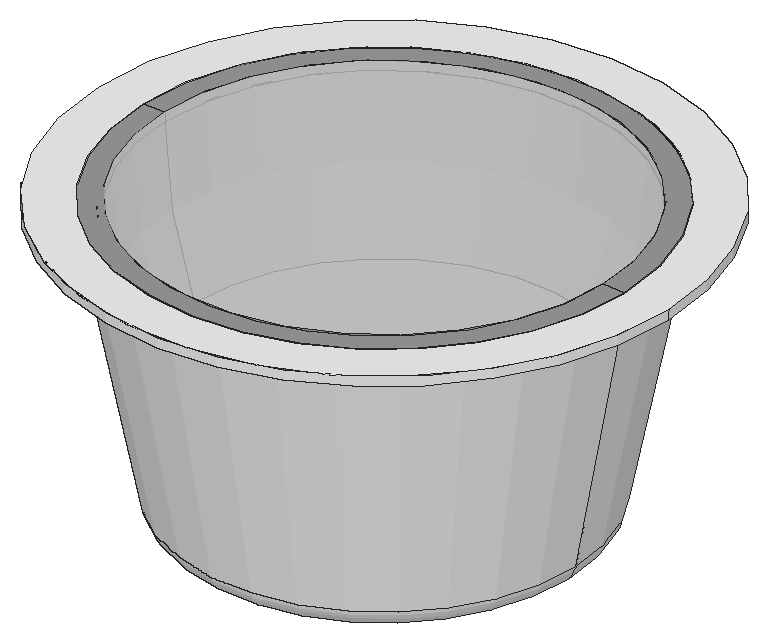
Revit family "2060570 Sylvania Lighting Fixture ASCENT 100 II ARCH 3600 3K STD 160", category Lighting Fixtures, host Face, Revit 2016
Family settings
  Host = Face
  Part Type = Normal
  Round Connector Dimension = Use Diameter
  OmniClass Number = 23.80.70.11.17
  OmniClass Title = Specialized Lighting by Location or Use
  Cut with Voids When Loaded = No
  Light Source = Yes
  Shared = No
  Room Calculation Point = No
Parameters (values of type "2060570 ASCT100 II ARCH 3600 3K STD 160")
  WidthBezelAcc_SYL = 25.0 mm
  Weight = "1.2 kg"
  Wattage = 30 W
  WarrantyStartDate [instance] = "n/a"
  WarrantyGuarantorParts = "n/a"
  WarrantyDurationUnit = "n/a"
  WarrantyDurationParts = "n/a"
  WarrantyDescription = "n/a"
  built-in parameter 1150110 = 1 (stored number, unit not read)
  Voltage = 0 V
  VisibilityAccessory_SYL = no
  TypeName = "ASCENT 100 II ARCH 3600 3K STD 160"
  built-in parameter 1114217 = 1 (stored number, unit not read)
  Tilt Angle = -90°
  built-in parameter 1150109 = 1 (stored number, unit not read)
  built-in parameter 1150134 = (empty or 0)
  built-in parameter 1150113 = 1 (stored number, unit not read)
  SerialNumber [instance] = "n/a"
  ReflectorRadius_SYL = Radius_SYL - 14.5 mm  # 80.0 mm
  RadiusAcc_SYL = 105.0 mm
  Radius_SYL = 94.5 mm
  URL = "http://www.sylvania-lighting.com"
  PowerFactor = 0
  PowerConsumption = "30 W"
  Photometric Web File = "2060570.ies"
  NominalWidth = 0.0 mm
  NominalLength = 0.0 mm
  NominalHeight = 94.0 mm
  Name = "ASCENT 100 II ARCH 3600 3K STD 160"
  ModelReference = "ASCENT 100 II ARCH 3600 3K STD 160"
  ModelNumber = "2060570"
  Material_4_SYL = none
  Material_3_SYL = Polycarbonate_Sylvania_Ascent_Opal
  Material_2_SYL = Aluminium_Sylvania_Ascent_Silver
  Material_1_SYL = Aluminum_Sylvania_Ascent_White
  Material = "aluminium housing, arcylic diffuser"
  ManufacturerName = "Feilo Sylvania"
  LuminousEfficacy = "118 lm/W"
  built-in parameter 1150105 = 281.7 (stored number, unit not read)
  Lumens = 3540 lm
  LuminaireType = ""
  built-in parameter 1150115 = 1 (stored number, unit not read)
  LightOutputRatio = "100"
  built-in parameter 1150137 = (empty or 0)
  built-in parameter 1150139 = (empty or 0)
  LampsType = Lamp  # "LED"
  LampNominalLuminous = "3548 lm"
  LampMacAdamStep = "3"
  LampColourTemperature = "3000 K"
  LampColourRenderingIndex = "80"
  built-in parameter 1150112 = 1 (stored number, unit not read)
  built-in parameter 1150114 = 1 (stored number, unit not read)
  Keynote = "16500"
  InstallationDate [instance] = "n/a"
  InputVoltage = "n/a"
  InputNominalFrequency = "n/a"
  built-in parameter 1150132 = (empty or 0)
  built-in parameter 1150102 = (empty or 0)
  built-in parameter 1150107 = 3000 (stored number, unit not read)
  built-in parameter 1150138 = (empty or 0)
  IngressProtection = "IP40"
  ImpactProtectionIndex = "IK02"
  built-in parameter 1150106 = 2.817 (stored number, unit not read)
  IfcExportType = "IfcLightFixtureType"
  IfcExportAs = "IfcLightFixtureType"
  Height_SYL = 94.0 mm
  HeightAcc_SYL = 7.0 mm
  ExpectedLife = 50000
  EmittionSurface_SYL = if(VisibilityAccessory_SYL, 7.0 mm, 3.0 mm)  # 3.0 mm
  Emit from Circle Diameter = DiffuserRadius_SYL * 2  # 146.0 mm
  Emit Shape Visible in Rendering = no
  ElectricShockClassification = "Class II"
  built-in parameter 1150104 = 10.963 (stored number, unit not read)
  DurationUnit = "hours"
  DocumentationLiterature = "http://www.sylvania-lighting.com/product/en-int/products/2060570"
  DimmingControlOptions = "n/a"
  Dimming Lamp Color Temperature Shift = <None>
  DiffuserRadius_SYL = ReflectorRadius_SYL - 7.0 mm  # 73.0 mm
  Diameter_SYL = 2 * Radius_SYL  # 189.0 mm
  CutoutDiameter_SYL = Diameter_SYL - 13.0 mm  # 176.0 mm
  CreatedOn = "9/17/2018"
  CreatedBy = "@sylvania-lighting.com"
  Color Filter = 16777215
  built-in parameter 1114216 [instance] = 1 (stored number, unit not read)
  Model = "ASCENT 100 II ARCH 3600 3K STD 160"
  Manufacturer = "Feilo Sylvania"
  Lamp = "LED"
  Description = "Direct LED retro fit for original LED 100 Arch (160) single CFL lamp offering Matching lumen levels and improved light distribution of original LED 100 CFL lamp equivalents Typically half the power consumption compared to CFL Up to 112lm/W 160mm aperture Architectural reflector accepts range of glass accessories from existing LED 100 Arch 160 offering HE, HO and VHO versions equivalent of single 1 x 18W, 1 x 32W, 1 x 42W\r\n Additional VVHO versions which offer the performance circa 2 x 32W equivalent"  # constant formula
  Default Elevation = 0.0 mm
  built-in parameter 1140040 [instance] = 1
  BarCode [instance] = "n/a"
  built-in parameter 1114218 = 1 (stored number, unit not read)
  built-in parameter 1150133 = 10 (stored number, unit not read)
  AssetType = "Fixed"
  AssetIdentifier [instance] = "n/a"
  Assembly Code = "D5020200"
  Apparent Load = 30 VA
  Aperture_SYL = 2 * ReflectorRadius_SYL  # 160.0 mm
Reference planes
  plane 1 "Center (Front/Back)": y = 0
  plane 2: z = 0
  plane 3 "Center (Left/Right)": x = 0
  plane 4 "Fixture Bottom": z = 3
  plane 5: z = -52.5
  plane 6 "Fixture Top": z = -91
  plane 7: x = -105
  plane 8: z = 7
  plane 9: x = -80
  plane 10: z = 5
  plane 11: x = -103
Forms (mm)
  Extrusion 1, solid, material "Aluminum_Sylvania_Ascent_White", detail levels fine
    sketch origin (0, 0, 0) x (1, 0, 0) y (0, 1, 0)
      loop
        circle (0, 0) r 94.5
      loop
        circle (0, 0) r 80
    from 0 to 3
  Extrusion 2, void
    sketch origin (0, 0, 0) x (1, 0, 0) y (0, 1, 0)
      loop
        circle (0, 0) r 88
    from -91 to 3
  Revolve 3, solid, material "Aluminum_Sylvania_Ascent_White" <- "Material_1_SYL", detail levels fine
    sketch origin (0, 0, 0) x (1, 0, 0) y (0, 0, 1)
      loop
        line (0, -91.073) -> (0, -89.023) -> (-55.468, -89.014)
        arc (-55.468, -89.014) -> (-59.352, -87.613) -> (-61.54, -84.139) r 6.307
        line (-61.54, -84.139) -> (-77.991, -2.844) -> (-77.991, 0) -> (-80, 0) -> (-80, -3) -> (-63.5, -84.536)
        arc (-63.5, -84.536) -> (-60.643, -89.203) -> (-55.5, -91.073) r 8.291
        line (-55.5, -91.073) -> (0, -91.073)
      axis (0, 0) -> (0, -91.073)
    angle from 0 to 360
  Revolve 4, solid, material "Aluminium_Sylvania_Ascent_Silver" <- "Material_2_SYL", detail levels fine
    sketch origin (0, 0, 0) x (1, 0, 0) y (0, 0, 1)
      loop
        line (-80, 3) -> (-80, 0) -> (-75, 0)
        arc (-75, 0) -> (-72.349, -26.77) -> (-64.5, -52.5) r 136.5
        line (-64.5, -52.5) -> (-58, -52.5)
        arc (-58, -52.5) -> (-56.857, -61.521) -> (-53.5, -69.971) r 36.166
        line (-53.5, -69.971) -> (0, -69.971) -> (0, -50.5) -> (-63.16, -50.5)
        arc (-63.16, -50.5) -> (-70.517, -25.725) -> (-73, 0) r 134.5
        line (-73, 0) -> (-73, 3) -> (-80, 3)
      axis (0, 3) -> (0, -69.971)
    angle from 0 to 360
  Extrusion 5, solid, material "Polycarbonate_Sylvania_Ascent_Opal" <- "Material_3_SYL", detail levels fine
    sketch origin (0, 0, 0) x (1, 0, 0) y (0, 1, 0)
      loop
        circle (0, 0) r 73
    from 0 to 3
  Revolve 6, solid, material "Aluminum_Sylvania_Ascent_White" <- "Material_1_SYL", detail levels coarse+medium
    sketch origin (0, 0, 0) x (1, 0, 0) y (0, 0, 1)
      loop
        line (0, -91.073) -> (0, 3) -> (-94.5, 3) -> (-94.5, 0) -> (-79.5, 0) -> (-79.5, -3) -> (-63, -84.536)
        arc (-63, -84.536) -> (-60.143, -89.203) -> (-55, -91.073) r 8.291
        line (-55, -91.073) -> (0, -91.073)
      axis (0, 3) -> (0, -91.073)
    angle from 0 to 360
  Revolve 7, solid, material "Aluminum_Sylvania_Ascent_White" <- "Material_1_SYL", visible <- "VisibilityAccessory_SYL"
    sketch origin (0, 0, 0) x (1, 0, 0) y (0, 0, 1)
      loop
        line (-105, 0) -> (-103, 0) -> (-103, 5) -> (-80, 5) -> (-80, 7) -> (-105, 7) -> (-105, 0)
      axis (0, 7) -> (0, 0)
    angle from 0 to 360
  Revolve 8, solid, material "Polycarbonate_Sylvania_Ascent_Opal" <- "Material_3_SYL", visible <- "VisibilityAccessory_SYL"
    sketch origin (0, 0, 0) x (1, 0, 0) y (0, 0, 1)
      loop
        line (-80, 7) -> (-80, 5) -> (0, 5) -> (0, 7) -> (-80, 7)
      axis (0, 7) -> (0, 5)
    angle from 0 to 360
Lines and regions (mm)
  reference lines
    curve 1: line (-150, 0, 3) -> (125, 0, 3)
Dimensions and locks
  locked: plane 4 "Fixture Bottom" to plane 2 at 3
  "Height_SYL": plane 4 "Fixture Bottom" to plane 6 "Fixture Top"
  "ReflectorRadius_SYL": plane 3 "Center (Left/Right)" to Revolve 4 sketch curve
  locked: Revolve 4 sketch curve to Revolve 4 sketch curve at 15.5
  locked: Revolve 4 sketch curve to Revolve 4 sketch curve at 5
  locked: Revolve 4 sketch curve to Revolve 4 sketch curve at 7
  locked: Revolve 4 sketch curve to Revolve 4 sketch curve at 22
  locked: Revolve 4 sketch curve to Revolve 4 sketch curve at 26.5
  locked: Revolve 3 sketch curve to Revolve 3 sketch curve at 16.5
  locked: Revolve 3 sketch curve to Revolve 3 sketch curve at 24.5
  "ReflectorRadius_SYL": Revolve 3 sketch curve to plane 3 "Center (Left/Right)"
  locked: Revolve 3 sketch curve to plane 6 "Fixture Top" at 6.464
  locked: plane 2 to Revolve 3 sketch curve at 3
  locked: Revolve 3 sketch curve to Revolve 3 sketch curve at 2
  locked: Revolve 3 sketch curve to Revolve 3 sketch curve at 2.009
  locked: plane 2 to plane 5 at 52.5
  locked: Revolve 6 sketch curve to Revolve 6 sketch curve at 31.5
  locked: Revolve 6 sketch curve to Revolve 6 sketch curve at 39.5
  locked: Revolve 6 sketch curve to Revolve 6 sketch curve at 15
  "Radius_SYL": plane 3 "Center (Left/Right)" to Revolve 6 sketch curve
  "RadiusAcc_SYL": plane 3 "Center (Left/Right)" to plane 7
  "HeightAcc_SYL": plane 8 to level
  "WidthBezelAcc_SYL": plane 7 to plane 9
  locked: plane 7 to plane 11 at 2
  locked: plane 8 to plane 10 at 2
  "EmittionSurface_SYL": curve 1 to level
  "CutoutDiameter_SYL": diameter of Extrusion 2 sketch curve
  "ReflectorRadius_SYL": radius of Extrusion 1 sketch curve
  "DiffuserRadius_SYL": radius of Extrusion 5 sketch curve
  "Radius_SYL": radius of Extrusion 1 sketch curve
  aligned and locked: host face to plane 2
  aligned and locked: host face to level
  aligned and locked: plane 4 "Fixture Bottom" to Extrusion 1
  aligned and locked: Extrusion 1 to plane 2
  aligned and locked: Revolve 3 sketch curve to plane 3 "Center (Left/Right)"
  aligned and locked: Revolve 4 sketch curve to plane 3 "Center (Left/Right)"  (x2)
  aligned and locked: plane 4 "Fixture Bottom" to Revolve 4 sketch curve
  aligned and locked: Extrusion 5 to plane 2
  aligned and locked: plane 2 to Revolve 3 sketch curve  (x2)
  aligned and locked: Revolve 6 sketch curve to plane 3 "Center (Left/Right)"
  aligned and locked: plane 6 "Fixture Top" to Extrusion 2
  aligned and locked: Revolve 7 sketch curve to plane 3 "Center (Left/Right)"
  aligned and locked: host face to Revolve 7 sketch curve  (x2)
  aligned and locked: Revolve 7 sketch curve to plane 7
  aligned and locked: plane 8 to Revolve 7 sketch curve
  aligned and locked: plane 9 to Revolve 7 sketch curve
  aligned and locked: Revolve 7 sketch curve to plane 10
  aligned and locked: plane 11 to Revolve 7 sketch curve
  aligned and locked: Revolve 7 to Revolve 8 sketch curve
  aligned and locked: Revolve 8 sketch curve to Revolve 7  (x2)
  aligned and locked: Revolve 8 sketch curve to plane 3 "Center (Left/Right)"  (x2)
  aligned and locked: plane 3 "Center (Left/Right)" to imposter light
  aligned and locked: imposter light to plane 1 "Center (Front/Back)"
  aligned and locked: imposter light to curve 1
Automatic sketch dimensions
  plane 1 "Center (Front/Back)" to Extrusion 2 sketch curve = 0.0 mm
  Extrusion 2 sketch curve to plane 3 "Center (Left/Right)" = 0.0 mm
  Extrusion 1 sketch curve to Extrusion 1 sketch curve = 0.0 mm  (x2)
  plane 1 "Center (Front/Back)" to Extrusion 1 sketch curve = 0.0 mm
  Extrusion 1 sketch curve to plane 3 "Center (Left/Right)" = 0.0 mm
  plane 6 "Fixture Top" to Revolve 3 sketch curve = 0.073 mm
  Revolve 3 sketch curve to plane 6 "Fixture Top" = 6.861 mm
  Revolve 3 sketch curve to Revolve 3 sketch curve = 0.003 mm
  Revolve 3 sketch curve to Revolve 3 sketch curve = 0.009 mm  (x2)
  Revolve 3 sketch curve to Revolve 3 sketch curve = 0.023 mm
  Revolve 3 sketch curve to Revolve 3 sketch curve = 0.072 mm
  Revolve 3 sketch curve to Revolve 3 sketch curve = 0.008 mm
  Revolve 3 sketch curve to plane 6 "Fixture Top" = 1.977 mm
  Revolve 3 sketch curve to Revolve 3 sketch curve = 33.496 mm
  Revolve 3 sketch curve to Revolve 3 sketch curve = 0.028 mm
  plane 4 "Fixture Bottom" to Revolve 3 sketch curve = 82.431 mm
  Revolve 4 sketch curve to Revolve 4 sketch curve = 0.0 mm  (x2)
  Revolve 4 sketch curve to plane 5 = 0.0 mm
  Revolve 4 sketch curve to level = 0.0 mm
  plane 5 to Revolve 4 sketch curve = 2.0 mm
  plane 4 "Fixture Bottom" to Revolve 4 sketch curve = 9.642 mm
  plane 1 "Center (Front/Back)" to Extrusion 5 sketch curve = 0.0 mm
  Extrusion 5 sketch curve to plane 3 "Center (Left/Right)" = 0.0 mm
  Revolve 4 sketch curve to level = 69.971 mm
  Revolve 4 sketch curve to Revolve 4 sketch curve = 2.387 mm
  Revolve 6 sketch curve to level = 0.0 mm
  Revolve 6 sketch curve to plane 3 "Center (Left/Right)" = 0.0 mm
  Revolve 6 sketch curve to Revolve 6 sketch curve = 8.104 mm
  Revolve 6 sketch curve to level = 3.0 mm
  Revolve 6 sketch curve to plane 6 "Fixture Top" = 6.464 mm
  plane 6 "Fixture Top" to Revolve 6 sketch curve = 0.073 mm
  Revolve 6 sketch curve to Revolve 6 sketch curve = 33.496 mm
  plane 4 "Fixture Bottom" to Revolve 6 sketch curve = 82.431 mm
  host sketch curve to host sketch curve = 1704.996 mm
  host sketch curve to host sketch curve = 1500.0 mm
  plane 6 "Fixture Top" to Revolve 7 sketch curve = 281.274 mm
  Revolve 7 sketch curve to plane 8 = 1140.706 mm
  plane 6 "Fixture Top" to Revolve 8 sketch curve = 281.274 mm
  Revolve 8 sketch curve to Revolve 8 sketch curve = 1140.706 mm
  Revolve 3 sketch curve to plane 3 "Center (Left/Right)" = 0.0 mm
  Revolve 6 sketch curve to plane 4 "Fixture Bottom" = 0.0 mm
  plane 7 to curve 1 = 45.0 mm
  plane 3 "Center (Left/Right)" to curve 1 = 125.0 mm
Connectors
  electrical at (0, 0, -91.073), driven by "Apparent Load"
    settings: on Revolve 3, index 1, voltage 240 V, apparent load 0 VA, apparent load phase1 30 VA, apparent load phase2 0 VA, apparent load phase3 0 VA, power factor 1, load classification "Lighting", number of poles 1, system type 31, power factor state 1, is connector primary yes, connector utility no, sub classification motor no, connector description ""
